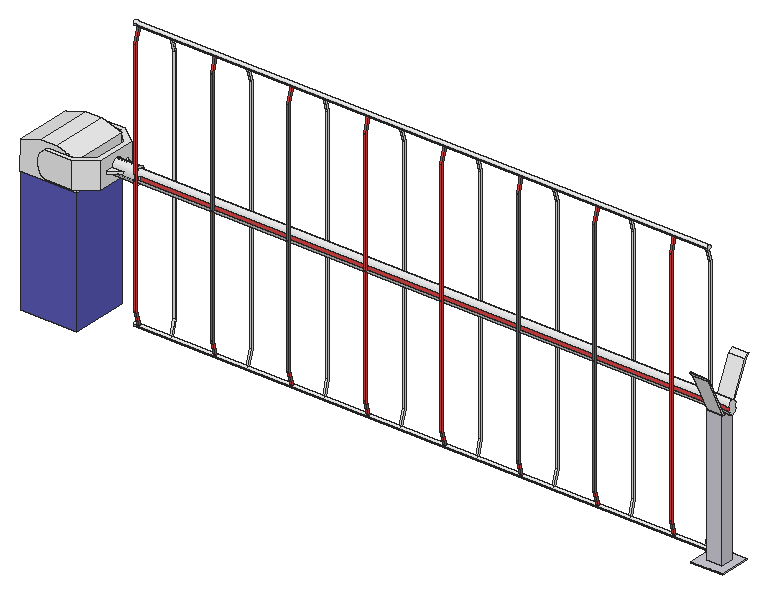
Revit family "LBA7", category Equipement spécialisé, Revit 2017
Family settings
  Cote de connecteur circulaire = Utiliser le diamètre
  Type d'élément = Normal
  Basée sur le plan de construction = Non
  Toujours verticalement = Oui
  Couper avec des vides une fois chargée = Non
  Partagée = Non
  Point de calcul de pièce = Non
Parameters (values of type "LBA7_lise_ovale GTH 4000mm")
  position_grille1_GA = longueur_lisse_attaché au borne + 50 mm  # 200 mm
  origine_GA = 150 mm
  matériau_répose_barrière = POSTE SUPPORT
  matériau_lisse = BLANC_MAT
  matériau_chapeau = BLANC_MAT
  matériau_borne = Stratifié, bleu marine
  matériau_base = BLANC_MAT
  matériau_bandeaux_rouge = Plastique, rouge reflet
  longueur_lisse = 4000 mm
  longueur_chapeau = largeur_chapeau  # 365 mm
  longueur_borne = largeur_borne  # 360 mm
  longueur_GA = longueur_lisse - longueur_lisse_attaché au borne  # 3850 mm
  largeur_chapeau = 365 mm
  largeur_borne = 360 mm
  longueur_lisse_attaché au borne = 150 mm
  hauteur_lisse = 84 mm
  hauteur_GTH = 1740 mm
  h_GA = h_chapeau - décalage sous lisse_GA - hauteur_lisse  # 728 mm
  h_repose_barrière = h_chapeau - (hauteur_lisse / 2)  # 874 mm
  h_chapeau = 916 mm
  h_axe_chapeau = 112 mm
  grille_type = lisse_ovale_GTH_LBA : rideau pour lisse
  epaisseur_repose_barrière_V = 100 mm
  epaisseur_lisse = 57 mm
  entreaxe_massifs = 4175 mm
  décalage sous lisse_GA = hauteur_lisse + 20 mm  # 104 mm
  distance_entre_grillage_GA = 400 mm
  distance lisse du borne = 225 mm
  diamètre_grillage_GA = 15 mm
  diamètre_bareau_GA = 25 mm
  W = 231.187 mm
  Visibilité_Support = yes
  Visibilité_Grillage = yes
  URL = "https://barriere-automatique.com/fr/"
  Nombre_barreaux_GA = 8
  Modèle = "LBA 7 GTH"
  Fabricant = "La Barrière Automatique"
  Angle_lisse [instance] = 0.00°
Types (4, lengths in mm): name | longueur_lisse | longueur_GA | hauteur_GTH | grille_type | entreaxe_massifs | distance_entre_grillage_GA | W | Visibilité_Grillage | Nombre_barreaux_GA | Modèle
  (no name) | 4000 | 3850 | 1740 | lisse_ovale_GTH_LBA : rideau pour lisse | 4175 | 400 | 231.187 | yes | 8 | "LBA 7 GTH"
  LBA7_lise_ovale 7000mm | 7000 | 6850 | 1000 | lisse_ovale_GA_LBA : rideau pour lisse | 7161 | 350 | 260 | no | 10 | "LBA  7"
  LBA7_lise_ovale GTH 4000mm | 4000 | 3850 | 1740 | lisse_ovale_GTH_LBA : rideau pour lisse | 4175 | 400 | 231.187 | yes | 8 | "LBA 7 GTH"
  LBA7_lisse_ovale GA 5000mm | 5000 | 4850 | 1000 | lisse_ovale_GA_LBA : rideau pour lisse | 5200 | 380 | 260 | yes | 11 | "LBA 7 GA"
Reference planes
  plane 1 "Centre (avant/arrière)": y = 0
  plane 2: z = 0
  plane 3 "Centre (gauche/droite)": x = 0
  plane 4 "AVANT": y = -225
  plane 5 "chapeau_borne": z = 916
  plane 6: z = 1028
  plane 7 "W": x = 231.187
Lines and regions (mm)
  reference lines
    curve 1: line (0, 0, 916) -> (740, 0, 916)
  symbolic lines
    curve 2: line (-182.5, 182.5, 916) -> (182.5, 182.5, 916)
    curve 3: line (-182.5, -182.5, 916) -> (-182.5, 182.5, 916)
    curve 4: line (182.5, -182.5, 916) -> (-182.5, -182.5, 916)
    curve 5: line (182.5, 182.5, 916) -> (182.5, -182.5, 916)
    curve 6: line (-45.059, 215, 916) -> (173.695, 215, 916)
    curve 7: line (173.695, 215, 916) -> (290, 123.42, 916)
    curve 8: line (290, 123.42, 916) -> (290, -123.154, 916)
    curve 9: line (290, -123.154, 916) -> (173.864, -215, 916)
    curve 10: line (173.864, -215, 916) -> (-45.059, -215, 916)
    curve 11: line (-45.059, -215, 916) -> (-45.059, -182.5, 916)
    curve 12: line (-45.059, 182.5, 916) -> (-45.059, 215, 916)
Dimensions and locks
  "distance lisse du borne": plane 1 "Centre (avant/arrière)" to plane 4 "AVANT"
  "h_chapeau": plane 5 "chapeau_borne" to plane 2
  plane 6 to plane 2 = 1028 mm
  "entreaxe_massifs": plane 3 "Centre (gauche/droite)" to nested 4
  "W": plane 3 "Centre (gauche/droite)" to plane 7 "W"
  "Angle_lisse": angle plane 5 "chapeau_borne" to curve 1
  aligned and locked: level to plane 2
  aligned and locked: nested 2 to plane 5 "chapeau_borne"
  aligned and locked: nested 2 to nested 1
  aligned and locked: plane 6 to nested 2
  aligned and locked: plane 5 "chapeau_borne" to curve 1
  aligned and locked: plane 3 "Centre (gauche/droite)" to curve 1
  aligned and locked: plane 3 "Centre (gauche/droite)" to nested 2
  aligned and locked: plane 1 "Centre (avant/arrière)" to nested 2
  aligned and locked: plane 1 "Centre (avant/arrière)" to nested 1
  aligned and locked: plane 3 "Centre (gauche/droite)" to nested 1
  aligned and locked: plane 1 "Centre (avant/arrière)" to nested 4
  aligned and locked: curve 2 to nested 2
  aligned and locked: curve 3 to nested 2
  aligned and locked: curve 4 to nested 2
  aligned and locked: curve 5 to nested 2
  aligned and locked: curve 2 to curve 12
  aligned and locked: curve 4 to curve 11
  aligned and locked: curve 10 to nested 6
  aligned and locked: curve 9 to nested 6
  aligned and locked: curve 8 to nested 6
  aligned and locked: curve 7 to nested 6
  aligned and locked: curve 6 to nested 6
Automatic sketch dimensions
  curve 12 to plane 3 "Centre (gauche/droite)" = 45.059 mm
  curve 11 to plane 3 "Centre (gauche/droite)" = 45.059 mm
Nested families
  nested 1: "borne_LBA" at (0, 0, 0), type "Bone base"
    with hauteur 804 mm, longueur 360 mm, largeur 360 mm
  nested 2: "chapeau_borne_LBA" at (0, 0, 916), type "Bone base"
    with longueur 365 mm, largeur 365 mm
  nested 3: "lisse_ovale_LBA" at (265, 0, 916), type "lisse"
    with longueur_variable2 195 mm, longueur_variable1 5 mm, hauteur_totale 84 mm, hauteur 42 mm, espacement_vide 22.8 mm, epaisseur_lisse 57 mm, decalage vide 28 mm, Variable_totale 200 mm, L_moins_variables 3995 mm
  nested 4: "répose_barrière_LBA" at (4175, 0, 0), visible <- "Visibilité_Support", type "support_base"
    with h_support 874 mm, epaisseur_barrière 57 mm
  nested 5: "lisse_ovale_GTH_LBA" at (260, 0, 916), visible <- "Visibilité_Grillage", type <- "grille_type", type "rideau pour lisse", detail levels medium+fine
    with longueur_moins_x 3700 mm, h_totale_grille 1740 mm, h_demi 870 mm, groupes 8, epaisseur_lisse 57 mm, longueur 3850 mm
  nested 6: "attache borne_pour LBA7_LBA" at (0, 0, 916) x (1, 0, 0) z (0, 0, -1), type "attache borne_pour LBA7_LBA"
    with taille_lisse_FX 57 mm, longueur 370 mm, largeur 260 mm, h_fixation 84 mm, L_embout_FX 150 mm, L_borne 220 mm
Definition of nested family "borne_LBA"
  Parameters (values of type "Bone base")
    longueur = 300 mm
    largeur = 300 mm
    hauteur [instance] = 1028 mm
    Matériaux borne = none
  Reference planes
    plane 1 "Centre (avant/arrière)": y = 0
    plane 2: z = 0
    plane 3 "Centre (gauche/droite)": x = 0
    plane 4: y = 150
    plane 5: x = 150
    plane 6: y = -150
    plane 7: x = -150
    plane 8: z = 1028
  Forms (mm)
    Extrusion 1, solid, material <- "Matériaux borne"
      sketch origin (0, 0, 0) x (1, 0, 0) y (0, 1, 0)
        loop
          line (-150, 150) -> (-150, -150) -> (150, -150) -> (150, 150) -> (-150, 150)
      from 0 to 1028
  Dimensions and locks
    equal spacing: plane 4, plane 1 "Centre (avant/arrière)", plane 6
    "longueur": plane 4 to plane 6
    equal spacing: plane 7, plane 3 "Centre (gauche/droite)", plane 5
    "largeur": plane 7 to plane 5
    "hauteur": plane 8 to plane 2
    aligned and locked: level to plane 2
    aligned and locked: Extrusion 1 sketch curve to plane 4
    aligned and locked: plane 7 to Extrusion 1 sketch curve
    aligned and locked: plane 6 to Extrusion 1 sketch curve
    aligned and locked: Extrusion 1 sketch curve to plane 5
    aligned and locked: plane 8 to Extrusion 1
Definition of nested family "chapeau_borne_LBA"
  Parameters (values of type "Bone base")
    longueur = 350 mm
    largeur = 350 mm
    hauteur = 112 mm
    Matériaux borne = none
  Reference planes
    plane 1 "Centre (avant/arrière)": y = 0
    plane 2: z = 0
    plane 3 "Centre (gauche/droite)": x = 0
    plane 4: y = 175
    plane 5: x = 175
    plane 6: y = -175
    plane 7: x = -175
    plane 8: z = 112
    plane 9 "base chapeau": z = -112
    plane 10: z = 70.916
  Forms (mm)
    Sweep 1, solid, material <- "Matériaux borne"
      path origin (0, 0, -112) x (-1, 0, 0) y (0, -1, 0)
        loop
          line (0, -175) -> (0, 175)
      profile origin (0, 0, -112) x (1, 0, 0) y (0, 0, 1)
        loop
          line (-175, 0) -> (175, 0) -> (175, 182.916) -> (50, 224) -> (-50, 224) -> (-175, 182.916) -> (-175, 0)
  Lines and regions (mm)
    symbolic lines
      curve 1: line (-255, 0, 0) -> (285, 0, 0)
  Dimensions and locks
    equal spacing: plane 4, plane 1 "Centre (avant/arrière)", plane 6
    "longueur": plane 4 to plane 6
    equal spacing: plane 7, plane 3 "Centre (gauche/droite)", plane 5
    "largeur": plane 7 to plane 5
    "hauteur": plane 8 to plane 2
    "hauteur": plane 2 to plane 9 "base chapeau"
    equal spacing: Sweep 1 sketch curve, plane 3 "Centre (gauche/droite)", Sweep 1 sketch curve
    aligned and locked: level to plane 2
    aligned and locked: plane 6 to Sweep 1 sketch curve
    aligned and locked: plane 4 to Sweep 1 sketch curve
    aligned and locked: Sweep 1 sketch curve to plane 9 "base chapeau"
    aligned and locked: plane 5 to Sweep 1 sketch curve
    aligned and locked: plane 7 to Sweep 1 sketch curve
    aligned and locked: plane 10 to Sweep 1 sketch curve  (x2)
    aligned and locked: Sweep 1 sketch curve to plane 8
    aligned and locked: curve 1 to plane 2
  Automatic sketch dimensions
    Sweep 1 sketch curve to plane 3 "Centre (gauche/droite)" = 0 mm
    profile plane to Sweep 1 sketch curve = 50 mm
    curve 1 to plane 7 = 80 mm
    plane 5 to curve 1 = 110 mm
Definition of nested family "lisse_ovale_LBA"
  Parameters (values of type "lisse")
    longueur_variable1 = 100 mm
    matériau bandeau = none
    longueur_variable2 = Variable_totale - longueur_variable1  # 150 mm
    longueur = 4000 mm
    hauteur_totale = 120 mm
    hauteur = hauteur_totale / 2  # 60 mm
    espacement_vide = epaisseur_lisse / 2.5  # 20 mm
    epaisseur_lisse = 50 mm
    decalage vide = hauteur / 1.5  # 40 mm
    Variable_totale = 250 mm
    Matériaux lisse = none
    L_moins_variables = longueur - longueur_variable1  # 3900 mm
    Default Elevation = 1219.2 mm
  Reference planes
    plane 1 "Centre (avant/arrière)": y = 0
    plane 2: z = 0
    plane 3 "Centre (gauche/droite)": x = 0
    plane 4: y = 25
    plane 5: x = 3900
    plane 6: y = -25
    plane 7: x = -100
    plane 8: z = 60
    plane 9 "base chapeau": z = -60
    plane 10: x = 150
  Forms (mm)
    Sweep 1, solid, material <- "Matériaux lisse"
      path origin (0, 0, 0) x (1, 0, 0) y (0, 1, 0)
        loop
          line (-100, 0) -> (3900, 0)
      profile origin (1900, 0, 0) x (0, 1, 0) y (0, 0, 1)
        loop
          spline (0, -60) -> (6.47, -57.956) -> (12.5, -51.962) -> (17.678, -42.426) -> (21.651, -30) -> (24.148, -15.529) -> (25, 0) -> (24.148, 15.529) -> (21.651, 30) -> (17.678, 42.426) -> (12.5, 51.962) -> (6.47, 57.956) -> (0, 60)
          spline (0, 60) -> (-6.47, 57.956) -> (-12.5, 51.962) -> (-17.678, 42.426) -> (-21.651, 30) -> (-24.148, 15.529) -> (-25, 0) -> (-24.148, -15.529) -> (-21.651, -30) -> (-17.678, -42.426) -> (-12.5, -51.962) -> (-6.47, -57.956) -> (0, -60)
    Extrusion 2, void
      sketch origin (0, 0, 0) x (0, 1, 0) y (0, 0, 1)
        loop
          line (-25, 20) -> (-25, -20) -> (-20, -20) -> (-20, 20) -> (-25, 20)
        loop
          line (20, 20) -> (20, -20) -> (25, -20) -> (25, 20) -> (20, 20)
      from 150 to 3900
  Cuts and joins
    Extrusion 2 cuts Sweep 1
  Lines and regions (mm)
    symbolic lines
      curve 1: line (-100, 25, 0) -> (3900, 25, 0)
      curve 2: line (-100, -25, 0) -> (-100, 25, 0)
      curve 3: line (3900, -25, 0) -> (-100, -25, 0)
      curve 4: line (3900, 25, 0) -> (3900, -25, 0)
  Dimensions and locks
    equal spacing: plane 4, plane 1 "Centre (avant/arrière)", plane 6
    "epaisseur_lisse": plane 4 to plane 6
    "hauteur": plane 8 to plane 2
    "hauteur": plane 2 to plane 9 "base chapeau"
    "longueur_variable1": plane 7 to plane 3 "Centre (gauche/droite)"
    "L_moins_variables": plane 3 "Centre (gauche/droite)" to plane 5
    equal spacing: Extrusion 2 sketch curve, plane 2, Extrusion 2 sketch curve
    "decalage vide": plane 8 to Extrusion 2 sketch curve
    plane 9 "base chapeau" to Extrusion 2 sketch curve = 40 mm
    "espacement_vide": Extrusion 2 sketch curve to plane 1 "Centre (avant/arrière)"
    "espacement_vide": plane 1 "Centre (avant/arrière)" to Extrusion 2 sketch curve
    "longueur_variable2": plane 3 "Centre (gauche/droite)" to plane 10
    plane 7 to plane 5 = 4000 mm
    aligned and locked: level to plane 2
    aligned and locked: plane 5 to Sweep 1 sketch curve
    aligned and locked: plane 1 "Centre (avant/arrière)" to Sweep 1 sketch curve
    aligned and locked: plane 7 to Sweep 1 sketch curve
    aligned and locked: plane 4 to Sweep 1 sketch curve
    aligned and locked: plane 8 to Sweep 1 sketch curve
    aligned and locked: Extrusion 2 sketch curve to plane 6
    aligned and locked: plane 4 to Extrusion 2 sketch curve
    aligned and locked: plane 5 to Extrusion 2
    aligned and locked: Extrusion 2 sketch curve to Extrusion 2 sketch curve  (x2)
    aligned and locked: Extrusion 2 to plane 10
    aligned and locked: curve 3 to plane 6
    aligned and locked: curve 4 to plane 5
    aligned and locked: plane 7 to curve 2
    aligned and locked: curve 1 to plane 4
  Automatic sketch dimensions
    Sweep 1 sketch curve to profile plane = 0 mm
    Sweep 1 sketch curve to level = 0 mm
Definition of nested family "répose_barrière_LBA"
  Parameters (values of type "support_base")
    matériau_repose_barrier = none
    matériau_plaque au pied = none
    longueur = 200 mm
    largeur = 200 mm
    h_support = 856 mm
    epaisseur_support_V = 100 mm
    epaisseur_barrière = 75 mm
    epaisseur = 6 mm
  Reference planes
    plane 1 "Centre (avant/arrière)": y = 0
    plane 2: z = 0
    plane 3 "Centre (gauche/droite)": x = 0
    plane 4: y = 100
    plane 5: x = 100
    plane 6: x = -100
    plane 7: y = -100
    plane 8: y = 40
    plane 9: y = -40
    plane 10: x = 50
    plane 11: x = -50
    plane 12: z = 6
    plane 13 "h": z = 856
  Forms (mm)
    Extrusion 1, solid, material <- "matériau_plaque au pied"
      sketch origin (0, 0, 0) x (1, 0, 0) y (0, 1, 0)
        loop
          line (-100, 100) -> (-100, -100) -> (100, -100) -> (100, 100) -> (-100, 100)
      from 0 to 6
    Extrusion 2, solid, material <- "matériau_plaque au pied"
      sketch origin (0, 0, 0) x (1, 0, 0) y (0, 1, 0)
        loop
          line (-50, 40) -> (-50, -40) -> (50, -40) -> (50, 40) -> (-50, 40)
      from 0 to 856
  Cuts and joins
    joined: Extrusion 1, Extrusion 2
  Lines and regions (mm)
    symbolic lines
      curve 1: line (-100, 100, 0) -> (-50, 100, 0)
      curve 2: line (-100, -100, 0) -> (-100, 100, 0)
      curve 3: line (100, -100, 0) -> (50, -100, 0)
      curve 4: line (100, 100, 0) -> (100, -100, 0)
      curve 5: line (-50, 171.696, 0) -> (50, 171.696, 0)
      curve 6: line (-50, -171.696, 0) -> (-50, -100, 0)
      curve 7: line (50, -171.696, 0) -> (-50, -171.696, 0)
      curve 8: line (50, 171.696, 0) -> (50, 100, 0)
      curve 9: line (50, -100, 0) -> (50, -171.696, 0)
      curve 10: line (-50, 100, 0) -> (-50, 171.696, 0)
      curve 11: line (-50, -100, 0) -> (-100, -100, 0)
      curve 12: line (50, 100, 0) -> (100, 100, 0)
      curve 13: line (-50, 0, 856) -> (50, 0, 856)
      curve 14: line (-50, 0, 6) -> (-50, 0, 856)
      curve 15: line (50, 0, 856) -> (50, 0, 6)
      curve 19: line (-100, 0, 6) -> (-50, 0, 6)
      curve 20: line (50, 0, 6) -> (100, 0, 6)
      curve 21: line (0, -100, 6) -> (0, -40, 6)
      curve 22: line (0, -100, 0) -> (0, -100, 6)
      curve 23: line (0, 100, 0) -> (0, -100, 0)
      curve 24: line (0, 100, 6) -> (0, 100, 0)
      curve 25: line (0, -40, 856) -> (0, 40, 856)
      curve 26: line (0, -40, 6) -> (0, -40, 856)
      curve 27: line (0, 40, 856) -> (0, 40, 6)
      curve 28: line (0, 40, 6) -> (0, 100, 6)
      curve 29: line (0, 40, 856) -> (0, 144.418, 1099.561)
      curve 30: line (0, 144.418, 1099.561) -> (0, 169.985, 1125.127)
      curve 31: line (0, -40, 856) -> (0, -144.418, 1099.561)
      curve 32: line (0, -144.418, 1099.561) -> (0, -169.985, 1125.127)
    model lines
      curve 16: line (-100, 0, 6) -> (-100, 0, 0)
    model lines, not visible
      curve 17: line (100, 0, 6) -> (100, 0, 0)
      curve 18: line (-100, 0, 0) -> (100, 0, 0)
  Dimensions and locks
    equal spacing: plane 6, plane 3 "Centre (gauche/droite)", plane 5
    "largeur": plane 6 to plane 5
    equal spacing: plane 4, plane 1 "Centre (avant/arrière)", plane 7
    "longueur": plane 4 to plane 7
    equal spacing: plane 11, plane 3 "Centre (gauche/droite)", plane 10
    equal spacing: plane 8, plane 1 "Centre (avant/arrière)", plane 9
    "epaisseur": plane 12 to plane 2
    "h_support": plane 13 "h" to plane 2
    plane 1 "Centre (avant/arrière)" to Extrusion 2 = 40 mm
    "epaisseur_support_V": plane 11 to plane 10
    plane 8 to plane 9 = 80 mm
    aligned and locked: level to plane 2
    aligned and locked: plane 6 to Extrusion 1
    aligned and locked: Extrusion 1 sketch curve to plane 5
    aligned and locked: plane 6 to Extrusion 1 sketch curve
    aligned and locked: plane 7 to Extrusion 1 sketch curve
    aligned and locked: Extrusion 1 sketch curve to plane 4
    aligned and locked: Extrusion 2 sketch curve to plane 8
    aligned and locked: plane 11 to Extrusion 2 sketch curve
    aligned and locked: plane 9 to Extrusion 2 sketch curve
    aligned and locked: Extrusion 2 sketch curve to plane 10
    aligned and locked: plane 12 to Extrusion 1
    aligned and locked: plane 3 "Centre (gauche/droite)" to nested 1
    aligned and locked: plane 1 "Centre (avant/arrière)" to nested 1
    aligned and locked: plane 13 "h" to cut or joined group of Extrusion 1, Extrusion 2
    aligned and locked: curve 5 to nested 1
    aligned and locked: curve 1 to plane 4
    aligned and locked: curve 4 to plane 5
    aligned and locked: plane 6 to curve 2
    aligned and locked: curve 7 to nested 1
    aligned and locked: plane 7 to curve 3
    aligned and locked: curve 8 to plane 10
    aligned and locked: plane 7 to curve 9
    aligned and locked: curve 9 to plane 10
    aligned and locked: plane 4 to curve 10
    aligned and locked: plane 11 to curve 6
    aligned and locked: plane 11 to curve 11
    aligned and locked: plane 11 to curve 1
    aligned and locked: plane 10 to curve 12
    aligned and locked: curve 15 to plane 10
    aligned and locked: plane 11 to curve 14
    aligned and locked: curve 18 to plane 2
    aligned and locked: plane 12 to curve 17
    aligned and locked: plane 12 to curve 16
    aligned and locked: curve 13 to plane 13 "h"
    aligned and locked: curve 24 to plane 4
    aligned and locked: plane 7 to curve 22
    aligned and locked: plane 2 to curve 23
    aligned and locked: curve 21 to plane 12
    aligned and locked: plane 9 to curve 26
    aligned and locked: curve 25 to plane 13 "h"
    aligned and locked: curve 27 to plane 8
    aligned and locked: plane 12 to curve 27
    aligned and locked: plane 12 to curve 26
    aligned and locked: nested 1 to curve 30
    aligned and locked: plane 13 "h" to curve 29
    aligned and locked: nested 1 to curve 32
    aligned and locked: plane 9 to curve 31
  Automatic sketch dimensions
    curve 8 to plane 4 = 0 mm
    curve 11 to plane 7 = 0 mm
    curve 32 to plane 7 = 44.418 mm
    plane 4 to curve 29 = 44.418 mm
    plane 13 "h" to curve 29 = 243.561 mm
    curve 32 to curve 31 = 25.566 mm
    curve 29 to curve 30 = 25.566 mm
    curve 31 to curve 32 = 25.566 mm
    curve 16 to plane 6 = 0 mm
    curve 18 to plane 5 = 0 mm
  Nested families
    nested 1: "répose_barrière_forme_V_LBA" at (0, 0, 856), type "support_base"
      with longueur 75 mm
  Definition of nested family "répose_barrière_forme_V_LBA"
    Parameters (values of type "support_base")
      matériau_répose_barrière = none
      longueur = 150 mm
      largeur = 100 mm
      h_support = 916 mm
      epaisseur = 6 mm
      Default Elevation = 1219.2 mm
    Reference planes
      plane 1 "Centre (avant/arrière)": y = 0
      plane 2: z = 0
      plane 3 "Centre (gauche/droite)": x = 0
      plane 4: y = 75
      plane 5: x = 50
      plane 6: x = -50
      plane 7: y = -75
      plane 8: x = 33.265
      plane 9: x = -33.265
    Forms (mm)
      Sweep 1, solid, material <- "matériau_répose_barrière"
        path origin (0, 0, 0) x (1, 0, 0) y (0, 1, 0)
          loop
            line (-50, 0) -> (50, 0)
        profile origin (0, 0, 0) x (0, 1, 0) y (0, 0, 1)
          loop
            line (0, 0) -> (-75, 0) -> (-143.412, 246.202) -> (-168.161, 270.951) -> (-171.696, 267.415) -> (-147.877, 243.596) -> (-78.8, -5) -> (0, -5) -> (78.8, -5) -> (147.877, 243.596) -> (171.696, 267.415) -> (168.161, 270.951) -> (143.412, 246.202) -> (75, 0) -> (0, 0)
    Dimensions and locks
      equal spacing: plane 6, plane 3 "Centre (gauche/droite)", plane 5
      "largeur": plane 6 to plane 5
      equal spacing: plane 4, plane 1 "Centre (avant/arrière)", plane 7
      "longueur": plane 4 to plane 7
      equal spacing: plane 9, plane 3 "Centre (gauche/droite)", plane 8
      aligned and locked: level to plane 2
      aligned and locked: plane 5 to Sweep 1 sketch curve
      aligned and locked: plane 6 to Sweep 1 sketch curve
      aligned and locked: plane 7 to Sweep 1 sketch curve
      aligned and locked: plane 2 to Sweep 1 sketch curve  (x2)
      aligned and locked: plane 4 to Sweep 1 sketch curve
    Automatic sketch dimensions
      plane 1 "Centre (avant/arrière)" to Sweep 1 sketch curve = 0 mm
      Sweep 1 sketch curve to profile plane = 0 mm  (x2)
      Sweep 1 sketch curve to level = 5 mm
      Sweep 1 sketch curve to Sweep 1 sketch curve = 3.8 mm  (x2)
      profile plane to Sweep 1 sketch curve = 143.412 mm
      Sweep 1 sketch curve to Sweep 1 sketch curve = 4.465 mm
      Sweep 1 sketch curve to Sweep 1 sketch curve = 20.283 mm  (x2)
      Sweep 1 sketch curve to Sweep 1 sketch curve = 3.536 mm  (x3)
      Sweep 1 sketch curve to profile plane = 143.412 mm
      level to Sweep 1 sketch curve = 243.596 mm  (x2)
      Sweep 1 sketch curve to Sweep 1 sketch curve = 2.606 mm  (x2)
Definition of nested family "lisse_ovale_GTH_LBA"
  Parameters (values of type "rideau pour lisse")
    position_barreau2 = 200 mm
    origine_groupe = origine + 30 mm  # 180 mm
    matériau_barrière_rideau = none
    matériau_bandeau = none
    longueur_moins_x = longueur - origine  # 4850 mm
    h_totale_grille = 1000 mm
    h_demi = h_totale_grille / 2  # 500 mm
    groupes = 10
    epaisseur_lisse = 80 mm
    diamètre_vertical = 15 mm
    diamètre_horizontal = 25 mm
    d_entre_barreau = d_barreau 1 * 2  # 200 mm
    d_barreau 1 = 100 mm
    origine = 150 mm
    longueur = 5000 mm
    Default Elevation = 1219.2 mm
  Reference planes
    plane 1 "Centre (avant/arrière)": y = 0
    plane 2: z = 0
    plane 3 "Centre (gauche/droite)": x = 0
    plane 4 "s": z = 500
    plane 5: x = 150
    plane 6 "base rideau": z = -500
    plane 7: x = 5000
    plane 8: x = 4980
  Forms (mm)
    Sweep 1, solid, material <- "matériau_barrière_rideau"
      path origin (0, 0, 500) x (-1, 0, 0) y (0, -1, 0)
        loop
          line (-150, 0) -> (-5000, 0)
      profile origin (2575, 0, 500) x (0, 1, 0) y (0, 0, 1)
        loop
          circle (0, 0) r 12.5
    Sweep 2, solid, material <- "matériau_barrière_rideau"
      path origin (0, 0, -500) x (-1, 0, 0) y (0, -1, 0)
        loop
          line (-150, 0) -> (-5000, 0)
      profile origin (2575, 0, -500) x (0, 1, 0) y (0, 0, 1)
        loop
          circle (0, 0) r 12.5
  Lines and regions (mm)
    model lines, detail levels coarse
      curve 1: line (0, 120, -500) -> (0, -120, -500)
      curve 2: line (-80, 0, -500) -> (100, 0, -500)
  Dimensions and locks
    "origine": plane 3 "Centre (gauche/droite)" to plane 5
    "longueur_moins_x": plane 5 to plane 7
    "h_demi": plane 4 "s" to plane 2
    "h_demi": plane 2 to plane 6 "base rideau"
    equal spacing: group 1, group 3, group 4, group 5, group 6, group 7, group 8, group 9, group 10, group 2  (x3)
    "d_entre_barreau": plane 8 to nested 2
    locked: plane 7 to plane 8 at 20
    "diamètre_horizontal": diameter of Sweep 1 sketch curve
    "diamètre_horizontal": diameter of Sweep 2 sketch curve
    aligned and locked: level to plane 2
    aligned and locked: plane 5 to Sweep 1 sketch curve
    aligned and locked: plane 1 "Centre (avant/arrière)" to Sweep 1 sketch curve
    aligned and locked: plane 5 to Sweep 2 sketch curve
    aligned and locked: plane 7 to Sweep 1 sketch curve
    aligned and locked: plane 7 to Sweep 2 sketch curve
    aligned and locked: plane 1 "Centre (avant/arrière)" to curve 2
    aligned and locked: curve 1 to plane 3 "Centre (gauche/droite)"
    aligned and locked: nested 1 to plane 2
    aligned and locked: nested 1 to plane 3 "Centre (gauche/droite)"
  Automatic sketch dimensions
    plane 1 "Centre (avant/arrière)" to Sweep 2 sketch curve = 0 mm
    plane 3 "Centre (gauche/droite)" to curve 2 = 100 mm
    curve 2 to plane 3 "Centre (gauche/droite)" = 80 mm
    curve 1 to plane 1 "Centre (avant/arrière)" = 120 mm
    plane 1 "Centre (avant/arrière)" to curve 1 = 120 mm
    Sweep 1 sketch curve to plane 4 "s" = 0 mm
    Sweep 1 sketch curve to profile plane = 0 mm
    Sweep 2 sketch curve to plane 6 "base rideau" = 0 mm
    Sweep 2 sketch curve to profile plane = 0 mm
  Nested families
    nested 1: "rideau_base_groupeGTH_LBA" at (0, 0, 0), type "rideau_base_groupeGTH_LBA"
      with largeur 380 mm, a 180 mm
    nested 2: "rideau_base_groupeGTH_LBA" at (4600, 0, 0), type "rideau_base_groupeGTH_LBA"
      with largeur 380 mm, a 180 mm
    nested 3: "rideau_base_groupeGTH_LBA" at (511.111, 0, 0), type "rideau_base_groupeGTH_LBA"
      with largeur 380 mm, a 180 mm
    nested 4: "rideau_base_groupeGTH_LBA" at (1022.222, 0, 0), type "rideau_base_groupeGTH_LBA"
      with largeur 380 mm, a 180 mm
    nested 5: "rideau_base_groupeGTH_LBA" at (1533.333, 0, 0), type "rideau_base_groupeGTH_LBA"
      with largeur 380 mm, a 180 mm
    nested 6: "rideau_base_groupeGTH_LBA" at (2044.444, 0, 0), type "rideau_base_groupeGTH_LBA"
      with largeur 380 mm, a 180 mm
    nested 7: "rideau_base_groupeGTH_LBA" at (2555.556, 0, 0), type "rideau_base_groupeGTH_LBA"
      with largeur 380 mm, a 180 mm
    nested 8: "rideau_base_groupeGTH_LBA" at (3066.667, 0, 0), type "rideau_base_groupeGTH_LBA"
      with largeur 380 mm, a 180 mm
    nested 9: "rideau_base_groupeGTH_LBA" at (3577.778, 0, 0), type "rideau_base_groupeGTH_LBA"
      with largeur 380 mm, a 180 mm
    nested 10: "rideau_base_groupeGTH_LBA" at (4088.889, 0, 0), type "rideau_base_groupeGTH_LBA"
      with largeur 380 mm, a 180 mm
  Definition of nested family "rideau_base_groupeGTH_LBA"
    Parameters (values of type "rideau_base_groupeGTH_LBA")
      position_barreau2 = 200 mm
      matériau_reflet = none
      matériau_base = none
      largeur = a + position_barreau2  # 400 mm
      h_totale = 1000 mm
      h = h_totale / 2  # 500 mm
      epaisseur_lisse = 80 mm
      d_rid = 15 mm
      a = 200 mm
    Reference planes
      plane 1 "Centre (avant/arrière)": y = 0
      plane 2: z = 0
      plane 3 "Centre (gauche/droite)": x = 0
      plane 4 "b2": x = 400
      plane 5: z = -500
      plane 6 "b1": x = 200
      plane 7: y = 40
      plane 8: y = -40
      plane 9: z = 500
    Forms (mm)
      Sweep 1, solid, material <- "matériau_reflet"
        path origin (0, 0, 0) x (0, 1, 0) y (0, 0, 1)
          loop
            line (0, -500) -> (-40, -400) -> (-40, 400) -> (0, 500)
        profile origin (0, -40, 0) x (0, -1, 0) y (1, 0, 0)
          loop
            line (0, 192.5) -> (7.864, 192.5) -> (7.864, 207.5) -> (0, 207.5) -> (0, 192.5)
      Sweep 2, solid, material <- "matériau_base"
        path origin (0, 0, 0) x (0, -1, 0) y (0, 0, 1)
          loop
            line (0, -500) -> (-40, -400) -> (-40, 400) -> (0, 500)
        profile origin (0, 40, 0) x (0, -1, 0) y (1, 0, 0)
          loop
            line (0, 392.5) -> (0, 407.5) -> (-7.864, 407.5) -> (-7.864, 392.5) -> (0, 392.5)
    Lines and regions (mm)
      model lines, detail levels coarse
        curve 1: line (0, 0, 40) -> (0, 0, -40)
        curve 2: line (-40, 0, 0) -> (40, 0, 0)
    Dimensions and locks
      "largeur": plane 3 "Centre (gauche/droite)" to plane 4 "b2"
      "h": plane 2 to plane 5
      "a": plane 3 "Centre (gauche/droite)" to plane 6 "b1"
      "h": plane 9 to plane 2
      "epaisseur_lisse": plane 7 to plane 8
      equal spacing: plane 7, plane 1 "Centre (avant/arrière)", plane 8
      plane 8 to Sweep 1 sketch curve = 7.864 mm
      equal spacing: Sweep 1 sketch curve, plane 6 "b1", Sweep 1 sketch curve
      "d_rid": Sweep 1 sketch curve to Sweep 1 sketch curve
      equal spacing: Sweep 2 sketch curve, plane 4 "b2", Sweep 2 sketch curve
      "d_rid": Sweep 2 sketch curve to Sweep 2 sketch curve
      aligned and locked: level to plane 2
      aligned and locked: curve 1 to plane 3 "Centre (gauche/droite)"
      aligned and locked: curve 2 to plane 2
      aligned and locked: plane 9 to Sweep 1 sketch curve
      aligned and locked: plane 1 "Centre (avant/arrière)" to Sweep 1 sketch curve  (x2)
      aligned and locked: plane 5 to Sweep 1 sketch curve
      aligned and locked: plane 8 to Sweep 1 sketch curve  (x2)
    Automatic sketch dimensions
      curve 2 to plane 3 "Centre (gauche/droite)" = 40 mm
      plane 3 "Centre (gauche/droite)" to curve 2 = 40 mm
      curve 1 to level = 40 mm
      level to curve 1 = 40 mm
      plane 5 to Sweep 1 sketch curve = 100 mm
      Sweep 1 sketch curve to plane 9 = 100 mm
      Sweep 2 sketch curve to plane 7 = 0 mm
      Sweep 2 sketch curve to plane 1 "Centre (avant/arrière)" = 0 mm  (x2)
      Sweep 2 sketch curve to plane 5 = 0 mm
      Sweep 2 sketch curve to plane 9 = 0 mm
      Sweep 2 sketch curve to plane 5 = 100 mm
      plane 9 to Sweep 2 sketch curve = 100 mm
      Sweep 1 sketch curve to profile plane = 0 mm
      Sweep 2 sketch curve to profile plane = 0 mm
      profile plane to Sweep 2 sketch curve = 7.864 mm
Definition of nested family "attache borne_pour LBA7_LBA"
  Parameters (values of type "attache borne_pour LBA7_LBA")
    taille_lisse_FX = 80 mm
    matériau = none
    longueur = 350 mm
    largeur = 310 mm
    w = 200 mm
    h_fixation = 120 mm
    epaisseur_attache = 165 mm
    e = 30 mm
    L_fixation = 200 mm
    L_embout_FX = 180 mm
    L_borne = 250 mm
    Default Elevation = 1219.2 mm
  Reference planes
    plane 1 "Centre (avant/arrière)": y = 0
    plane 2: z = 0
    plane 3 "Centre (gauche/droite)": x = 0
    plane 4 "arriere": y = 175
    plane 5: x = 310
    plane 6: y = -175
    plane 7: z = 82.5
    plane 8: z = -82.5
    plane 9: z = 0
    plane 10: y = 100
    plane 11: y = -100
    plane 12: x = 200
    plane 13: y = 215
    plane 14: y = -215
    plane 15: x = -50
  Forms (mm)
    Sweep 1, solid, material <- "matériau"
      path origin (0, 0, 0) x (0, 1, 0) y (0, 0, 1)
        loop
          line (0, -82.5) -> (0, 82.5)
      profile origin (0, 0, 0) x (0, -1, 0) y (1, 0, 0)
        loop
          line (175, -50) -> (205, -50) -> (205, 203.695) -> (123.42, 340) -> (-123.154, 340) -> (-205, 203.864) -> (-205, -50) -> (-175, -50) -> (-175, 200) -> (-100, 310) -> (100, 310) -> (175, 200) -> (175, -50)
    Extrusion 2, void
      sketch origin (0, 0, 0) x (1, 0, 0) y (0, 0, 1)
        loop
          line (0, 82.5) -> (-50, 82.5) -> (-50, -82.5) -> (0, -82.5)
          arc (0, -82.5) -> (-45.059, 0) -> (0, 82.5) r 98.055
      from -215 to 215
  Cuts and joins
    Extrusion 2 cuts Sweep 1
  Dimensions and locks
    "largeur": plane 3 "Centre (gauche/droite)" to plane 5
    equal spacing: plane 4 "arriere", plane 1 "Centre (avant/arrière)", plane 6
    "longueur": plane 4 "arriere" to plane 6
    "epaisseur_attache": plane 7 to plane 8
    equal spacing: plane 7, plane 9, plane 8
    "e": Sweep 1 sketch curve to plane 4 "arriere"
    equal spacing: plane 10, plane 1 "Centre (avant/arrière)", plane 11
    "e": plane 5 to Sweep 1 sketch curve
    "e": plane 6 to Sweep 1 sketch curve
    "w": plane 10 to plane 11
    "L_borne": plane 15 to plane 12
    locked: plane 13 to plane 4 "arriere" at 40
    locked: plane 6 to plane 14 at 40
    plane 15 to plane 3 "Centre (gauche/droite)" = 50 mm
    aligned and locked: level to plane 2
    aligned and locked: plane 2 to plane 9
    aligned and locked: plane 7 to Sweep 1 sketch curve
    aligned and locked: plane 8 to Sweep 1 sketch curve
    aligned and locked: Sweep 1 sketch curve to plane 6
    aligned and locked: Sweep 1 sketch curve to plane 4 "arriere"
    aligned and locked: Sweep 1 sketch curve to plane 5
    aligned and locked: Extrusion 2 sketch curve to plane 8
    aligned and locked: plane 10 to Sweep 1 sketch curve  (x2)
    aligned and locked: plane 11 to Sweep 1 sketch curve
    aligned and locked: plane 12 to Sweep 1 sketch curve  (x2)
    aligned and locked: Extrusion 2 to plane 14
    aligned and locked: plane 13 to Extrusion 2
    aligned and locked: Extrusion 2 sketch curve to plane 15
    aligned and locked: plane 15 to Sweep 1 sketch curve
    aligned and locked: Sweep 1 sketch curve to plane 15
    aligned and locked: cut or joined group of Sweep 1, Extrusion 2 to nested 1
  Automatic sketch dimensions
    Sweep 1 sketch curve to plane 1 "Centre (avant/arrière)" = 0 mm
    Extrusion 2 sketch curve to plane 3 "Centre (gauche/droite)" = 0 mm  (x2)
    Extrusion 2 sketch curve to level = 0 mm
    plane 3 "Centre (gauche/droite)" to Extrusion 2 sketch curve = 52.996 mm
    Sweep 1 sketch curve to Sweep 1 sketch curve = 23.154 mm
    Sweep 1 sketch curve to Sweep 1 sketch curve = 23.42 mm
    Sweep 1 sketch curve to Sweep 1 sketch curve = 3.695 mm
    Sweep 1 sketch curve to Sweep 1 sketch curve = 3.864 mm
  Nested families
    nested 1: "fixation_lisse_LBA7_LBA" at (340, 0, 0), type "fixation_lisse_LBA7_LBA"
      with longueur 180 mm
  Definition of nested family "fixation_lisse_LBA7_LBA"
    Parameters (values of type "fixation_lisse_LBA7_LBA")
      matériau_fixation = none
      epaisseur_lisse_FX = 80 mm
      longueur = 200 mm
      h_totale = 120 mm
      h_demi = h_totale / 2  # 60 mm
      e = 10 mm
      d = 60 mm
      V = 60 mm
      Default Elevation = 1219.2 mm
    Reference planes
      plane 1 "Centre (avant/arrière)": y = 0
      plane 2: z = 0
      plane 3 "Centre (gauche/droite)": x = 0
      plane 4: y = 40
      plane 5: x = 200
      plane 6: y = -40
      plane 7: z = 60
      plane 8: z = -60
      plane 9: x = 140
      plane 10: y = -100
      plane 11: y = 100
      plane 12: z = 70
      plane 13: y = -50
      plane 14: y = 74.957
    Forms (mm)
      Sweep 1, solid, material <- "matériau_fixation"
        path origin (0, 0, 0) x (1, 0, 0) y (0, 1, 0)
          loop
            line (0, 0) -> (200, 0)
        profile origin (100, 0, 0) x (0, 1, 0) y (0, 0, 1)
          loop
            spline (0, -60) -> (10.353, -57.956) -> (20, -51.962) -> (28.284, -42.426) -> (34.641, -30) -> (38.637, -15.529) -> (40, 0) -> (38.637, 15.529) -> (34.641, 30) -> (28.284, 42.426) -> (20, 51.962) -> (10.353, 57.956) -> (0, 60)
            spline (0, 60) -> (-10.353, 57.956) -> (-20, 51.962) -> (-28.284, 42.426) -> (-34.641, 30) -> (-38.637, 15.529) -> (-40, 0) -> (-38.637, -15.529) -> (-34.641, -30) -> (-28.284, -42.426) -> (-20, -51.962) -> (-10.353, -57.956) -> (0, -60)
          loop
            spline (0, -70) -> (12.941, -67.615) -> (25, -60.622) -> (35.355, -49.497) -> (43.301, -35) -> (48.296, -18.117) -> (50, 0) -> (48.296, 18.117) -> (43.301, 35) -> (35.355, 49.497) -> (25, 60.622) -> (12.941, 67.615) -> (0, 70)
            spline (0, 70) -> (-12.941, 67.615) -> (-25, 60.622) -> (-35.355, 49.497) -> (-43.301, 35) -> (-48.296, 18.117) -> (-50, 0) -> (-48.296, -18.117) -> (-43.301, -35) -> (-35.355, -49.497) -> (-25, -60.622) -> (-12.941, -67.615) -> (0, -70)
      Extrusion 2, solid, material <- "matériau_fixation"
        sketch origin (0, 0, 0) x (1, 0, 0) y (0, 1, 0)
          loop
            line (0, 40) -> (140, 40) -> (0, 100) -> (0, 40)
          loop
            line (0, -40) -> (0, -100) -> (140, -40) -> (0, -40)
        from -10.348 to 10
    Cuts and joins
      joined: Sweep 1, Extrusion 2
    Dimensions and locks
      "longueur": plane 3 "Centre (gauche/droite)" to plane 5
      "epaisseur_lisse_FX": plane 4 to plane 6
      "h_demi": plane 2 to plane 8
      "h_demi": plane 7 to plane 2
      "V": plane 6 to plane 10
      "V": plane 11 to plane 4
      "d": plane 9 to plane 5
      "e": plane 12 to plane 7
      "e": plane 13 to plane 6
      equal spacing: plane 4, plane 1 "Centre (avant/arrière)", plane 6
      aligned and locked: level to plane 2
      aligned and locked: plane 5 to Sweep 1 sketch curve
      aligned and locked: plane 3 "Centre (gauche/droite)" to Sweep 1 sketch curve
      aligned and locked: plane 3 "Centre (gauche/droite)" to Extrusion 2 sketch curve  (x2)
      aligned and locked: Extrusion 2 sketch curve to plane 6
      aligned and locked: plane 4 to Extrusion 2 sketch curve
      aligned and locked: plane 9 to Extrusion 2 sketch curve  (x2)
      aligned and locked: plane 10 to Extrusion 2 sketch curve
      aligned and locked: plane 11 to Extrusion 2 sketch curve
      aligned and locked: plane 7 to Sweep 1 sketch curve
      aligned and locked: plane 6 to Sweep 1 sketch curve
      aligned and locked: plane 12 to Sweep 1 sketch curve
      aligned and locked: plane 13 to Sweep 1 sketch curve
    Automatic sketch dimensions
      plane 1 "Centre (avant/arrière)" to Sweep 1 sketch curve = 0 mm
      Sweep 1 sketch curve to profile plane = 0 mm  (x2)
      Sweep 1 sketch curve to level = 0 mm  (x2)
